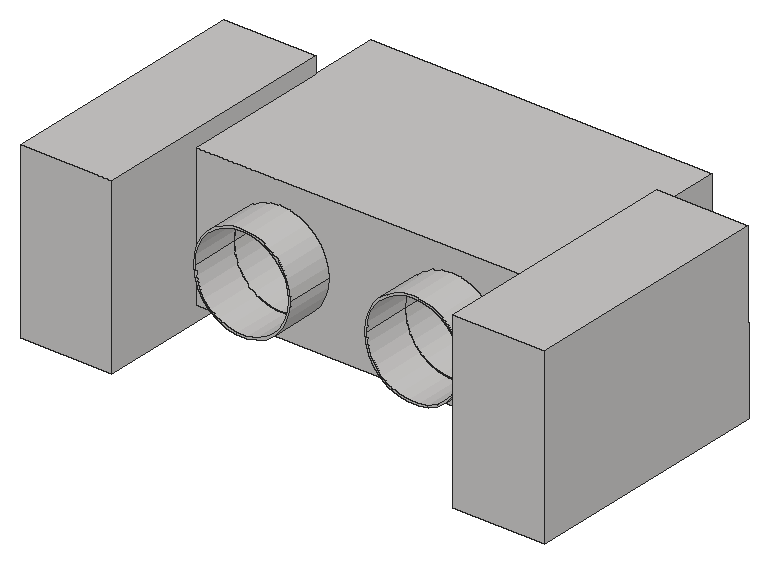
Revit family
Parameters
  Width = 2' - 0 1/8"
  Unit Weight = "42.0 lbs"
  URL = "http://www.titus-hvac.com/"
  UL = "181"
  SteriLoc Liner = Liner Option = 3  # no
  Outlet Width = Width  # 2' - 0 1/8"
  Outlet Height = Height  # 0' - 10"
  Nominal Width = Width + 1' 1"  # 3' - 1 1/8"
  Nominal Length = Length + Inlet Length  # 1' - 10 7/8"
  Nominal Inlet Size = 0' - 7"
  Nominal Height = 1' - 0 1/4"
  NFPA = "90A"
  Model = "DEDV"
  Min. Air Flow = 0 CFM
  Max. Air Flow = 650 CFM
  Material = Steel
  Manufacturer = "Titus"
  Length = 1' - 3 1/2"
  Inlet Void Radius = Inlet Radius - 0' 0 1/8"  # 0' - 3 5/16"
  Inlet Radius = Inlet Diameter / 2  # 0' - 3 7/16"
  Inlet Offset = 1' - 0 1/8"
  Inlet Length = 0' - 7 3/8"
  Inlet Diameter = Nominal Inlet Size - 0' 0 1/8"  # 0' - 6 7/8"
  Height = 0' - 10"
  Heat Air Pressure Drop [instance] = 0.00 in-wg
  Heat Air Flow [instance] = 0 CFM
  Fiber Free Liner = Liner Option = 2  # no
  Duct Radius = Nominal Inlet Size / 2  # 0' - 3 1/2"
  Design Air Flow [instance] = 0 CFM
  Description = "Dual Duct Terminal Unit, Direct Digital Control, Pressure Independent, without Integral Mixer/Attenuator"
  Liner Option = 0
  Cool Air Pressure Drop [instance] = 0.00 in-wg
  Cool Air Flow [instance] = 0 CFM
  Control Box Offset = 0' - 3 3/8"
  CADworks URL = "www.CADworks.net"
  Assembly Code = "D3040100"
  1/2" Fiberglass Liner = Liner Option = 0  # yes
  1" Fiberglass Liner = Liner Option = 1  # no
Reference planes (in)
  plane 1 "Center (Front/Back)": y = 0
  plane 2: z = 0
  plane 3 "Center (Left/Right)": x = 0
  plane 4: y = 7.75
  plane 5: y = -7.75
  plane 6: x = 12.0625
  plane 7: x = -12.0625
  plane 8: z = 5
  plane 9: z = -5
  plane 10: y = -15.125
  plane 11: x = -6.0625
  plane 12: x = 6.0625
  plane 13: y = -11.125
  plane 14: x = 18.5625
  plane 15: x = -18.5625
  plane 16: z = 6.125
  plane 17: z = -6.125
Forms (in)
  Extrusion 1, solid, material "Steel" <- "Material"
    sketch origin (33, 0, -4) x (1, 0, 0) y (0, 1, 0)
      loop
        line (-45.0625, 7.75) -> (-45.0625, -7.75) -> (-20.9375, -7.75) -> (-20.9375, 7.75) -> (-45.0625, 7.75)
    from -1 to 9
  Extrusion 2, solid, material "Steel" <- "Material"
    sketch origin (4.46221, 44.62435, -28.76939) x (1, 0, 0) y (0, 0, 1)
      loop
        line (7.60029, 34.89439) -> (7.60029, 22.64439) -> (14.10029, 22.64439) -> (14.10029, 34.89439) -> (7.60029, 34.89439)
    from 41.74935 to 59.74935
  Extrusion 3, solid, material "Steel" <- "Material"
    sketch origin (13.94938, 6.875, -28.76939) x (-1, 0, 0) y (0, 0, -1)
      loop
        line (26.01188, -34.89439) -> (32.51188, -34.89439) -> (32.51188, -22.64439) -> (26.01188, -22.64439) -> (26.01188, -34.89439)
    from 4 to 22
  Extrusion 4, solid, material "Steel" <- "Material"
    sketch origin (10.5, -16.75, 0) x (1, 0, 0) y (0, 0, 1)
      loop
        circle (-16.5625, 0) r 3.4375
    from -9 to -5.625
  Extrusion 5, solid, material "Steel" <- "Material"
    sketch origin (10.625, -7.75, 0) x (1, 0, 0) y (0, 0, 1)
      loop
        circle (-4.5625, 0) r 3.4375
    from 0 to 3.375
  Extrusion 6, void
    sketch origin (0, 0, 0) x (1, 0, 0) y (0, 0, 1)
      loop
        circle (-6.0625, 0) r 3.3125
    from 1.125 to 11.125
  Extrusion 7, void
    sketch origin (0, 0, 0) x (1, 0, 0) y (0, 0, 1)
      loop
        circle (6.0625, 0) r 3.3125
    from 1.125 to 11.125
Cuts and joins
  Extrusion 6, Extrusion 7 cuts Extrusion 1
  Extrusion 6 cuts Extrusion 4
  Extrusion 7 cuts Extrusion 5
Dimensions and locks (in)
  "Height": plane 8 to plane 9
  equal spacing: plane 8, plane 2, plane 9
  "Width": plane 7 to plane 6
  equal spacing: plane 7, plane 3 "Center (Left/Right)", plane 6
  "Length": plane 4 to plane 5
  equal spacing: plane 4, plane 1 "Center (Front/Back)", plane 5
  locked: Extrusion 2 to Extrusion 2 at 18
  locked: Extrusion 2 sketch curve to Extrusion 2 sketch curve at 6.5
  locked: Extrusion 2 sketch curve to Extrusion 2 sketch curve at 12.25
  equal spacing: Extrusion 2 sketch curve, plane 2, Extrusion 2 sketch curve
  locked: Extrusion 3 to Extrusion 3 at 18
  locked: Extrusion 3 sketch curve to Extrusion 3 sketch curve at 6.5
  locked: Extrusion 3 sketch curve to Extrusion 3 sketch curve at 12.25
  equal spacing: Extrusion 3 sketch curve, plane 2, Extrusion 3 sketch curve
  "Inlet Length": plane 5 to plane 10
  "Inlet Offset": plane 12 to plane 11
  equal spacing: plane 12, plane 3 "Center (Left/Right)", plane 11
  "Control Box Offset": plane 5 to plane 13
  "Inlet Radius": plane 11 to cut or joined group of Extrusion 4, Extrusion 6
  "Inlet Radius": plane 12 to cut or joined group of Extrusion 5, Extrusion 7
  "Inlet Radius": radius of Extrusion 4 sketch curve
  "Inlet Radius": radius of Extrusion 5 sketch curve
  "Inlet Void Radius": radius of Extrusion 6 sketch curve
  "Inlet Void Radius": radius of Extrusion 7 sketch curve
  aligned and locked: plane 4 to Extrusion 1
  aligned and locked: plane 7 to Extrusion 1
  aligned and locked: plane 5 to Extrusion 1
  aligned and locked: plane 6 to Extrusion 1
  aligned and locked: plane 8 to Extrusion 1
  aligned and locked: plane 9 to Extrusion 1
  aligned and locked: plane 10 to Extrusion 2
  aligned and locked: plane 10 to Extrusion 3
  aligned and locked: plane 13 to Extrusion 4
  aligned and locked: plane 5 to Extrusion 4
  aligned and locked: plane 13 to Extrusion 5
  aligned and locked: plane 5 to Extrusion 5
  aligned and locked: Extrusion 6 to plane 13
  aligned and locked: plane 13 to cut or joined group of Extrusion 4, Extrusion 6
  aligned and locked: plane 13 to cut or joined group of Extrusion 5, Extrusion 7  (x2)
  aligned and locked: Extrusion 7 to plane 13
  aligned and locked: Extrusion 2 to cut or joined group of Extrusion 1, Extrusion 6, Extrusion 7
  aligned and locked: plane 6 to cut or joined group of Extrusion 1, Extrusion 6, Extrusion 7
  aligned and locked: Extrusion 3 to cut or joined group of Extrusion 1, Extrusion 6, Extrusion 7
  aligned and locked: cut or joined group of Extrusion 1, Extrusion 6, Extrusion 7 to plane 7
Automatic sketch dimensions
  Extrusion 1 sketch curve to plane 5 = 0' - 0"
  plane 7 to Extrusion 1 sketch curve = 0' - 0"
  plane 6 to Extrusion 1 sketch curve = 0' - 0"
  Extrusion 1 sketch curve to plane 4 = 0' - 0"
  plane 6 to Extrusion 2 sketch curve = 0' - 0"
  Extrusion 3 sketch curve to plane 7 = 0' - 0"
  Extrusion 4 sketch curve to level = 0' - 0"
  Extrusion 4 sketch curve to plane 11 = 0' - 0"
  Extrusion 5 sketch curve to level = 0' - 0"
  Extrusion 5 sketch curve to plane 12 = 0' - 0"
  Extrusion 6 sketch curve to level = 0' - 0"
  Extrusion 6 sketch curve to plane 11 = 0' - 0"
  Extrusion 7 sketch curve to level = 0' - 0"
  Extrusion 7 sketch curve to plane 12 = 0' - 0"
Connectors (in)
  hvac at (-6.0625, -11.125, 0), driven by "Duct Radius", driven by "Heat Air Pressure Drop", driven by "Heat Air Flow"
    settings: on cut or joined group of Extrusion 4, Extrusion 6, index 1
  hvac at (6.0625, -11.125, 0), driven by "Duct Radius", driven by "Cool Air Pressure Drop", driven by "Cool Air Flow"
    settings: on cut or joined group of Extrusion 5, Extrusion 7, index 2
  hvac at (0, 7.75, 0), driven by "Outlet Height", driven by "Outlet Width", driven by "Design Air Flow"
    settings: on cut or joined group of Extrusion 1, Extrusion 6, Extrusion 7, index 3
